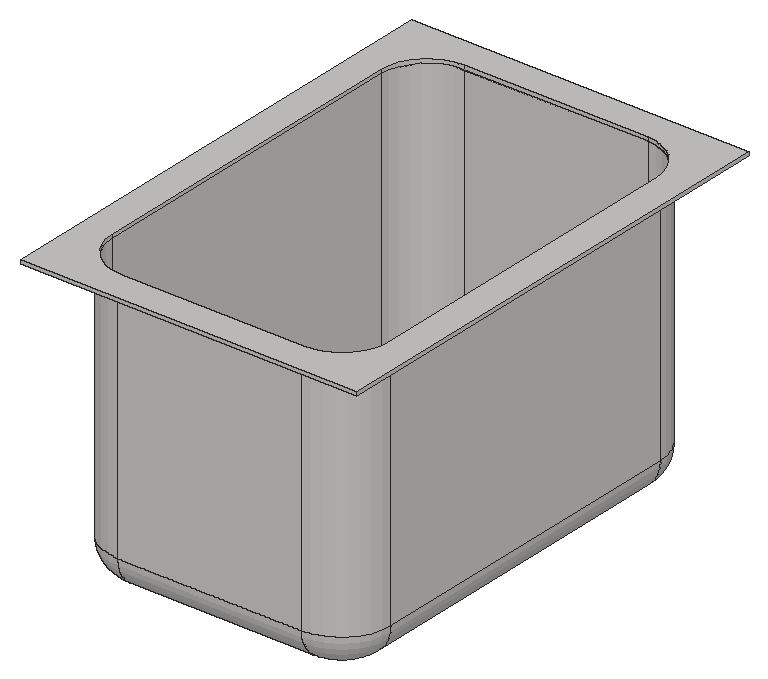
Revit family "QF_Vollrath_9101-1", category Specialty Equipment, Revit 2016
Family settings
  Part Type = Normal
  Round Connector Dimension = Use Diameter
  OmniClass Number = 23.40.40.14.31
  OmniClass Title = Cleaning and Disposal Equipment
  Work Plane-Based = Yes
  Always vertical = Yes
  Cut with Voids When Loaded = No
  Shared = No
  Room Calculation Point = No
Parameters
  Width = 0' - 11"
  Weight in Pounds = 0
  Watermarked By = "http://revitwatermark.com"
  URL Cutsheet = ""
  Status [instance] = ""
  Specification by User [instance] = ""
  Specification by Manufacturer [instance] = ""
  Sink Width = 0' - 9"
  Sink Depth = 1' - 2"
  Sink Basin Depth = 0' - 9 1/4"
  Serial Number [instance] = ""
  Seismic Rating [instance] = ""
  SMACNA No [instance] = ""
  Revision Code [instance] = ""
  NAFEM Spec ID Number [instance] = ""
  Model = "9101-1"
  Masterspec [instance] = ""
  Manufacturer = "Vollrath"
  Item Number [instance] = "-"
  Installed By [instance] = ""
  Indirect Waste Size = 2"
  Indirect Waste Flow [instance] = 0.00 GPM
  Indirect Waste Connection Type [instance] = ""
  Indirect Waste Connection Height [instance] = 0' - 0"
  Furnished By [instance] = ""
  Foodservice Equipment Identifier [instance] = yes
  Description = "Undermount Sink"  # constant formula
  Depth = 1' - 4"
  Default Elevation = 4' - 0"
  CSI MasterFormat = ""
Reference planes (in)
  plane 1 "BACK": y = 0
  plane 2 "BOTTOM": z = 0
  plane 3 "LEFT": x = 0
  plane 4 "RIGHT": x = 11
  plane 5 "FRONT": y = -16
  plane 6: x = 5.5
  plane 7: y = -8
  plane 8: y = -1
  plane 9: y = -15
  plane 10: x = 1
  plane 11: x = 10
  plane 12 "Sink Bottom": z = -9.25
  plane 13: y = -5.6875
Forms (in)
  Sweep 1, solid, material "QF_Finishes_Stainless Steel"
    path origin (0, 0, 0) x (1, 0, 0) y (0, 1, 0)
      loop
        arc (2.5, -1) -> (1.43934, -1.43934) -> (1, -2.5) r 1.5
        line (1, -2.5) -> (1, -13.5)
        arc (1, -13.5) -> (1.43934, -14.56066) -> (2.5, -15) r 1.5
        line (2.5, -15) -> (8.5, -15)
        arc (8.5, -15) -> (9.56066, -14.56066) -> (10, -13.5) r 1.5
        line (10, -13.5) -> (10, -2.5)
        arc (10, -2.5) -> (9.56066, -1.43934) -> (8.5, -1) r 1.5
        line (8.5, -1) -> (2.5, -1)
    profile origin (5.5, -1, 0) x (0, 1, 0) y (0, 0, 1)
      loop
        line (0, 0) -> (0, -8.125)
        arc (0, -8.125) -> (-0.29289, -8.83211) -> (-1, -9.125) r 1
        line (-1, -9.125) -> (-1, -9.25)
        arc (-1, -9.25) -> (-0.2045, -8.9205) -> (0.125, -8.125) r 1.125
        line (0.125, -8.125) -> (0.125, 0) -> (0, 0)
  Extrusion 2, solid, material "QF_Finishes_Stainless Steel"
    sketch origin (0, 0, 0) x (1, 0, 0) y (0, 1, 0)
      loop
        arc (1, -13.5) -> (1.43934, -14.56066) -> (2.5, -15) r 1.5
        line (2.5, -15) -> (8.5, -15)
        arc (8.5, -15) -> (9.56066, -14.56066) -> (10, -13.5) r 1.5
        line (10, -13.5) -> (10, -2.5)
        arc (10, -2.5) -> (9.56066, -1.43934) -> (8.5, -1) r 1.5
        line (8.5, -1) -> (2.5, -1)
        arc (2.5, -1) -> (1.43934, -1.43934) -> (1, -2.5) r 1.5
        line (1, -2.5) -> (1, -13.5)
      loop
        line (0, -16) -> (11, -16) -> (11, 0) -> (0, 0) -> (0, -16)
    from 0 to 0.125
  Extrusion 3, solid, material "QF_Finishes_Stainless Steel"
    sketch origin (0, 0, -9.25) x (-1, 0, 0) y (0, -1, 0)
      loop
        line (-8.5, 2) -> (-2.5, 2)
        arc (-2.5, 2) -> (-2.14645, 2.14645) -> (-2, 2.5) r 0.5
        line (-2, 2.5) -> (-2, 13.5)
        arc (-2, 13.5) -> (-2.14645, 13.85355) -> (-2.5, 14) r 0.5
        line (-2.5, 14) -> (-8.5, 14)
        arc (-8.5, 14) -> (-8.85355, 13.85355) -> (-9, 13.5) r 0.5
        line (-9, 13.5) -> (-9, 2.5)
        arc (-9, 2.5) -> (-8.85355, 2.14645) -> (-8.5, 2) r 0.5
      loop
        circle (-5.5, 5.6875) r 1.75
    from 0 to 0.125
Lines and regions (in)
  symbolic lines
    curve 1: line (0, 0, -9.25) -> (11, 0, -9.25)
    curve 2: line (0, -16, -9.25) -> (0, 0, -9.25)
    curve 3: line (11, -16, -9.25) -> (0, -16, -9.25)
    curve 4: line (11, 0, -9.25) -> (11, -16, -9.25)
  symbolic lines, style "QF_Surface Details"
    curve 5: circle (5.5, -5.6875, -9.25) r 1.75 normal (0, 0, -1)
    curve 6: line (8.5, -1, -9.25) -> (2.5, -1, -9.25)
    curve 7: arc (1, -2.5, -9.25) -> (1.43934, -1.43934, -9.25) -> (2.5, -1, -9.25) r 1.5
    curve 8: line (1, -2.5, -9.25) -> (1, -13.5, -9.25)
    curve 9: arc (2.5, -15, -9.25) -> (1.43934, -14.56066, -9.25) -> (1, -13.5, -9.25) r 1.5
    curve 10: line (2.5, -15, -9.25) -> (8.5, -15, -9.25)
    curve 11: arc (10, -13.5, -9.25) -> (9.56066, -14.56066, -9.25) -> (8.5, -15, -9.25) r 1.5
    curve 12: line (10, -13.5, -9.25) -> (10, -2.5, -9.25)
    curve 13: arc (8.5, -1, -9.25) -> (9.56066, -1.43934, -9.25) -> (10, -2.5, -9.25) r 1.5
Dimensions and locks (in)
  "Width": plane 3 "LEFT" to plane 4 "RIGHT"
  "Depth": plane 5 "FRONT" to plane 1 "BACK"
  "Sink Depth": plane 8 to plane 9
  equal spacing: plane 3 "LEFT", plane 6, plane 4 "RIGHT"
  equal spacing: plane 10, plane 6, plane 11
  "Sink Width": plane 10 to plane 11
  "Sink Basin Depth": level to plane 12 "Sink Bottom"
  level to Sweep 1 sketch curve = 0' - 0"
  locked: Sweep 1 sketch curve to plane 8 at 0.125
  locked: plane 12 "Sink Bottom" to Sweep 1 sketch curve at 0.125
  equal spacing: plane 8, plane 7, plane 9
  plane 1 "BACK" to plane 8 = 0' - 1"
  plane 9 to plane 5 "FRONT" = 0' - 1"
  locked: plane 3 "LEFT" to plane 10 at 1
  plane 11 to plane 4 "RIGHT" = 0' - 1"
  plane 8 to plane 13 = 0' - 4 11/16"
  aligned and locked: level to plane 2 "BOTTOM"
  aligned and locked: Sweep 1 sketch curve to plane 8
  aligned and locked: plane 10 to Sweep 1 sketch curve
  aligned and locked: plane 9 to Sweep 1 sketch curve
  aligned and locked: Sweep 1 sketch curve to plane 11
  aligned and locked: plane 8 to Sweep 1 sketch curve
  aligned and locked: plane 12 "Sink Bottom" to Sweep 1 sketch curve
  aligned and locked: Extrusion 2 sketch curve to Sweep 1  (x4)
  aligned and locked: Extrusion 2 sketch curve to plane 3 "LEFT"
  aligned and locked: plane 5 "FRONT" to Extrusion 2 sketch curve
  aligned and locked: plane 4 "RIGHT" to Extrusion 2 sketch curve
  aligned and locked: Extrusion 2 sketch curve to plane 1 "BACK"
  aligned and locked: Extrusion 3 sketch curve to Sweep 1  (x4)
Automatic sketch dimensions
  plane 10 to Sweep 1 sketch curve = 0' - 1 1/2"  (x2)
  Sweep 1 sketch curve to plane 11 = 0' - 1 1/2"
  Sweep 1 sketch curve to plane 8 = 0' - 1 1/2"
  Sweep 1 sketch curve to Sweep 1 sketch curve = 0' - 1"
  plane 10 to Extrusion 2 sketch curve = 0' - 1 1/2"
  Extrusion 2 sketch curve to plane 8 = 0' - 1 1/2"
  Extrusion 2 sketch curve to plane 11 = 0' - 1 1/2"  (x2)
  Extrusion 3 sketch curve to plane 6 = 0' - 0"
  Extrusion 3 sketch curve to plane 13 = 0' - 0"
  Extrusion 3 sketch curve to Extrusion 3 sketch curve = 0' - 0 1/2"  (x4)
  plane 1 "BACK" to curve 1 = 0' - 0"
  curve 1 to plane 4 "RIGHT" = 0' - 0"
  curve 5 to plane 6 = 0' - 0"
  curve 2 to plane 3 "LEFT" = 0' - 0"
  curve 5 to plane 13 = 0' - 0"
  plane 5 "FRONT" to curve 2 = 0' - 0"
  curve 6 to plane 8 = 0' - 0"
  curve 7 to plane 10 = 0' - 0"
  plane 10 to curve 7 = 0' - 1 1/2"
  plane 9 to curve 8 = 0' - 1 1/2"
  curve 9 to plane 9 = 0' - 0"
  curve 10 to plane 11 = 0' - 1 1/2"
  curve 11 to plane 11 = 0' - 0"
  curve 12 to plane 8 = 0' - 1 1/2"
  radius of Extrusion 3 sketch curve = 0' - 1 3/4"
  radius of curve 5 = 0' - 1 3/4"
Connectors (in)
  piping at (5.5, -5.6875, -9.25), diameter 2, driven by "Indirect Waste Flow"
    settings: on Extrusion 3, index 1, connector inside diameter 2", connector length 0' - 0", flow factor 0, pipe flow 0.00 GPM, pressure drop 0.00 psi, fitting loss kfactor 0, connector angle 0.00°, fixture units 0, engagement length 0' - 0", angle of deflection 0.00°, flow configuration 1, flow direction 2, fitting loss method 0, system type 16, joint type 0, gender type 0, connector reference index -1, connector utility 0, adjustable connector no, is connector primary yes, connector description "IW"
